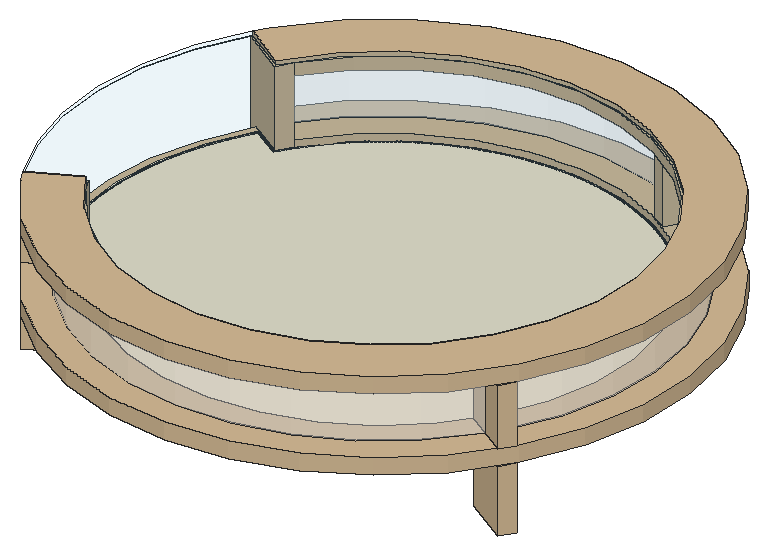
Revit family "MESA DE CENTRO M.A. 1,10M", category Modelos genéricos, Revit 2024 (continued)
Forms (cm)
  Extrusion 468, solid, material "COURO"
    from 0 to 0.0248
  Extrusion 469, solid, material "COURO"
    sketch origin (1861.4667, 638.8786, 48.6389) x (0.368593, -0.929591, 0) y (0.929591, 0.368593, 0)
      loop
        line (730.312, -13.6619) -> (730.0134, -13.6331) -> (730.0028, -13.7426) -> (730.3015, -13.7714) -> (730.312, -13.6619)
    from 0 to 0.0248
  Extrusion 470, solid, material "COURO"
    sketch origin (1870.7131, 641.6475, 48.6389) x (0.356337, -0.934357, 0) y (0.934357, 0.356337, 0)
      loop
        line (730.312, -13.6619) -> (730.0134, -13.6331) -> (730.0028, -13.7426) -> (730.3015, -13.7714) -> (730.312, -13.6619)
    from 0 to 0.0248
  Extrusion 471, solid, material "COURO"
    sketch origin (1879.9951, 644.2947, 48.6389) x (0.34402, -0.938962, 0) y (0.938962, 0.34402, 0)
      loop
        line (730.312, -13.6619) -> (730.0134, -13.6331) -> (730.0028, -13.7426) -> (730.3015, -13.7714) -> (730.312, -13.6619)
    from 0 to 0.0248
  Extrusion 472, solid, material "COURO"
    sketch origin (1889.3112, 646.8195, 48.6389) x (0.331643, -0.943405, 0) y (0.943405, 0.331643, 0)
      loop
        line (730.312, -13.6619) -> (730.0134, -13.6331) -> (730.0028, -13.7426) -> (730.3015, -13.7714) -> (730.312, -13.6619)
    from 0 to 0.0248
  Extrusion 473, solid, material "COURO"
    sketch origin (1898.6596, 649.2217, 48.6389) x (0.319209, -0.947684, 0) y (0.947684, 0.319209, 0)
      loop
        line (730.312, -13.6619) -> (730.0134, -13.6331) -> (730.0028, -13.7426) -> (730.3015, -13.7714) -> (730.312, -13.6619)
    from 0 to 0.0248
  Extrusion 474, solid, material "COURO"
    sketch origin (1908.0387, 651.5007, 48.6389) x (0.306719, -0.9518, 0) y (0.9518, 0.306719, 0)
      loop
        line (730.312, -13.6619) -> (730.0134, -13.6331) -> (730.0028, -13.7426) -> (730.3015, -13.7714) -> (730.312, -13.6619)
    from 0 to 0.0248
  Extrusion 475, solid, material "COURO"
    sketch origin (1917.4471, 653.6561, 48.6389) x (0.294177, -0.955751, 0) y (0.955751, 0.294177, 0)
      loop
        line (730.312, -13.6619) -> (730.0134, -13.6331) -> (730.0028, -13.7426) -> (730.3015, -13.7714) -> (730.312, -13.6619)
    from 0 to 0.0248
  Extrusion 476, solid, material "COURO"
    sketch origin (1926.883, 655.6877, 48.6389) x (0.281584, -0.959537, 0) y (0.959537, 0.281584, 0)
      loop
        line (730.312, -13.6619) -> (730.0134, -13.6331) -> (730.0028, -13.7426) -> (730.3015, -13.7714) -> (730.312, -13.6619)
    from 0 to 0.0248
  Extrusion 477, solid, material "COURO"
    sketch origin (1936.3447, 657.595, 48.6389) x (0.268942, -0.963156, 0) y (0.963156, 0.268942, 0)
      loop
        line (730.312, -13.6619) -> (730.0134, -13.6331) -> (730.0028, -13.7426) -> (730.3015, -13.7714) -> (730.312, -13.6619)
    from 0 to 0.0248
  Extrusion 478, solid, material "COURO"
    sketch origin (1945.8308, 659.3777, 48.6389) x (0.256253, -0.96661, 0) y (0.96661, 0.256253, 0)
      loop
        line (730.312, -13.6619) -> (730.0134, -13.6331) -> (730.0028, -13.7426) -> (730.3015, -13.7714) -> (730.312, -13.6619)
    from 0 to 0.0248
  Extrusion 479, solid, material "COURO"
    sketch origin (1955.3394, 661.0356, 48.6389) x (0.24352, -0.969896, 0) y (0.969896, 0.24352, 0)
      loop
        line (730.312, -13.6619) -> (730.0134, -13.6331) -> (730.0028, -13.7426) -> (730.3015, -13.7714) -> (730.312, -13.6619)
    from 0 to 0.0248
  Extrusion 480, solid, material "COURO"
    sketch origin (1964.8691, 662.5682, 48.6389) x (0.230745, -0.973014, 0) y (0.973014, 0.230745, 0)
      loop
        line (730.312, -13.6619) -> (730.0134, -13.6331) -> (730.0028, -13.7426) -> (730.3015, -13.7714) -> (730.312, -13.6619)
    from 0 to 0.0248
  Extrusion 481, solid, material "COURO"
    sketch origin (1974.418, 663.9754, 48.6389) x (0.217931, -0.975964, 0) y (0.975964, 0.217931, 0)
      loop
        line (730.312, -13.6619) -> (730.0134, -13.6331) -> (730.0028, -13.7426) -> (730.3015, -13.7714) -> (730.312, -13.6619)
    from 0 to 0.0248
  Extrusion 482, solid, material "COURO"
    sketch origin (1983.9847, 665.2569, 48.6389) x (0.205078, -0.978746, 0) y (0.978746, 0.205078, 0)
      loop
        line (730.312, -13.6619) -> (730.0134, -13.6331) -> (730.0028, -13.7426) -> (730.3015, -13.7714) -> (730.312, -13.6619)
    from 0 to 0.0248
  Extrusion 483, solid, material "COURO"
    sketch origin (1993.5673, 666.4125, 48.6389) x (0.19219, -0.981358, 0) y (0.981358, 0.19219, 0)
      loop
        line (730.312, -13.6619) -> (730.0134, -13.6331) -> (730.0028, -13.7426) -> (730.3015, -13.7714) -> (730.312, -13.6619)
    from 0 to 0.0248
  Extrusion 484, solid, material "COURO"
    sketch origin (2003.1644, 667.442, 48.6389) x (0.179269, -0.9838, 0) y (0.9838, 0.179269, 0)
      loop
        line (730.312, -13.6619) -> (730.0134, -13.6331) -> (730.0028, -13.7426) -> (730.3015, -13.7714) -> (730.312, -13.6619)
    from 0 to 0.0248
  Extrusion 485, solid, material "COURO"
    sketch origin (2012.7741, 668.3453, 48.6389) x (0.166317, -0.986072, 0) y (0.986072, 0.166317, 0)
      loop
        line (730.312, -13.6619) -> (730.0134, -13.6331) -> (730.0028, -13.7426) -> (730.3015, -13.7714) -> (730.312, -13.6619)
    from 0 to 0.0248
  Extrusion 486, solid, material "COURO"
    sketch origin (2022.3949, 669.122, 48.6389) x (0.153336, -0.988174, 0) y (0.988174, 0.153336, 0)
      loop
        line (730.312, -13.6619) -> (730.0134, -13.6331) -> (730.0028, -13.7426) -> (730.3015, -13.7714) -> (730.312, -13.6619)
    from 0 to 0.0248
  Extrusion 487, solid, material "COURO"
    sketch origin (2032.0251, 669.7722, 48.6389) x (0.140328, -0.990105, 0) y (0.990105, 0.140328, 0)
      loop
        line (730.312, -13.6619) -> (730.0134, -13.6331) -> (730.0028, -13.7426) -> (730.3015, -13.7714) -> (730.312, -13.6619)
    from 0 to 0.0248
  Extrusion 488, solid, material "COURO"
    sketch origin (2041.663, 670.2957, 48.6389) x (0.127296, -0.991865, 0) y (0.991865, 0.127296, 0)
      loop
        line (730.312, -13.6619) -> (730.0134, -13.6331) -> (730.0028, -13.7426) -> (730.3015, -13.7714) -> (730.312, -13.6619)
    from 0 to 0.0248
  Extrusion 489, solid, material "COURO"
    sketch origin (2051.3069, 670.6924, 48.6389) x (0.114243, -0.993453, 0) y (0.993453, 0.114243, 0)
      loop
        line (730.312, -13.6619) -> (730.0134, -13.6331) -> (730.0028, -13.7426) -> (730.3015, -13.7714) -> (730.312, -13.6619)
    from 0 to 0.0248
  Extrusion 490, solid, material "COURO"
    sketch origin (2060.9552, 670.9623, 48.6389) x (0.101169, -0.994869, 0) y (0.994869, 0.101169, 0)
      loop
        line (730.312, -13.6619) -> (730.0134, -13.6331) -> (730.0028, -13.7426) -> (730.3015, -13.7714) -> (730.312, -13.6619)
    from 0 to 0.0248
  Extrusion 491, solid, material "COURO"
    sketch origin (2070.6063, 671.1053, 48.6389) x (0.088078, -0.996114, 0) y (0.996114, 0.088078, 0)
      loop
        line (730.312, -13.6619) -> (730.0134, -13.6331) -> (730.0028, -13.7426) -> (730.3015, -13.7714) -> (730.312, -13.6619)
    from 0 to 0.0248
  Extrusion 492, solid, material "COURO"
    sketch origin (2080.2584, 671.1213, 48.6389) x (0.074972, -0.997186, 0) y (0.997186, 0.074972, 0)
      loop
        line (730.312, -13.6619) -> (730.0134, -13.6331) -> (730.0028, -13.7426) -> (730.3015, -13.7714) -> (730.312, -13.6619)
    from 0 to 0.0248
  Extrusion 493, solid, material "COURO"
    sketch origin (2089.9098, 671.0105, 48.6389) x (0.061853, -0.998085, 0) y (0.998085, 0.061853, 0)
      loop
        line (730.312, -13.6619) -> (730.0134, -13.6331) -> (730.0028, -13.7426) -> (730.3015, -13.7714) -> (730.312, -13.6619)
    from 0 to 0.0248
  Extrusion 494, solid, material "COURO"
    sketch origin (2099.559, 670.7727, 48.6389) x (0.048723, -0.998812, 0) y (0.998812, 0.048723, 0)
      loop
        line (730.312, -13.6619) -> (730.0134, -13.6331) -> (730.0028, -13.7426) -> (730.3015, -13.7714) -> (730.312, -13.6619)
    from 0 to 0.0248
  Extrusion 495, solid, material "COURO"
    sketch origin (2109.2042, 670.4081, 48.6389) x (0.035585, -0.999367, 0) y (0.999367, 0.035585, 0)
      loop
        line (730.312, -13.6619) -> (730.0134, -13.6331) -> (730.0028, -13.7426) -> (730.3015, -13.7714) -> (730.312, -13.6619)
    from 0 to 0.0248
  Extrusion 496, solid, material "COURO"
    sketch origin (2118.8438, 669.9166, 48.6389) x (0.02244, -0.999748, 0) y (0.999748, 0.02244, 0)
      loop
        line (730.312, -13.6619) -> (730.0134, -13.6331) -> (730.0028, -13.7426) -> (730.3015, -13.7714) -> (730.312, -13.6619)
    from 0 to 0.0248
  Extrusion 497, solid, material "COURO"
    sketch origin (2128.4761, 669.2985, 48.6389) x (0.009292, -0.999957, 0) y (0.999957, 0.009292, 0)
      loop
        line (730.312, -13.6619) -> (730.0134, -13.6331) -> (730.0028, -13.7426) -> (730.3015, -13.7714) -> (730.312, -13.6619)
    from 0 to 0.0248
  Extrusion 498, solid, material "COURO"
    sketch origin (2138.0994, 668.5537, 48.6389) x (-0.003858, -0.999993, 0) y (0.999993, -0.003858, 0)
      loop
        line (730.312, -13.6619) -> (730.0134, -13.6331) -> (730.0028, -13.7426) -> (730.3015, -13.7714) -> (730.312, -13.6619)
    from 0 to 0.0248
  Extrusion 499, solid, material "COURO"
    sketch origin (1355.2306, 73.6673, 48.6389) x (0.964735, -0.263221, 0) y (0.263221, 0.964735, 0)
      loop
        line (688.6838, 70.2123) -> (688.5676, 69.9357) -> (688.669, 69.8931) -> (688.7852, 70.1697) -> (688.6838, 70.2123)
    from 0 to 0.0248
  Extrusion 500, solid, material "COURO"
    sketch origin (1357.0891, 83.1431, 48.6389) x (0.961191, -0.275884, 0) y (0.275884, 0.961191, 0)
      loop
        line (688.6838, 70.2123) -> (688.5676, 69.9357) -> (688.669, 69.8931) -> (688.7852, 70.1697) -> (688.6838, 70.2123)
    from 0 to 0.0248
  Extrusion 501, solid, material "COURO"
    sketch origin (1359.0722, 92.5936, 48.6389) x (0.95748, -0.2885, 0) y (0.2885, 0.95748, 0)
      loop
        line (688.6838, 70.2123) -> (688.5676, 69.9357) -> (688.669, 69.8931) -> (688.7852, 70.1697) -> (688.6838, 70.2123)
    from 0 to 0.0248
  Extrusion 502, solid, material "COURO"
    sketch origin (1361.1793, 102.0172, 48.6389) x (0.953603, -0.301066, 0) y (0.301066, 0.953603, 0)
      loop
        line (688.6838, 70.2123) -> (688.5676, 69.9357) -> (688.669, 69.8931) -> (688.7852, 70.1697) -> (688.6838, 70.2123)
    from 0 to 0.0248
  Extrusion 503, solid, material "COURO"
    sketch origin (1363.4102, 111.4122, 48.6389) x (0.949562, -0.313579, 0) y (0.313579, 0.949562, 0)
      loop
        line (688.6838, 70.2123) -> (688.5676, 69.9357) -> (688.669, 69.8931) -> (688.7852, 70.1697) -> (688.6838, 70.2123)
    from 0 to 0.0248
  Extrusion 504, solid, material "COURO"
    sketch origin (1596.2114, -617.7752, 48.6389) x (0.592196, 0.805794, 0) y (-0.805794, 0.592196, 0)
      loop
        line (730.312, -13.6619) -> (730.0134, -13.6331) -> (730.0028, -13.7426) -> (730.3015, -13.7714) -> (730.312, -13.6619)
    from 0 to 0.0248
  Extrusion 505, solid, material "COURO"
    sketch origin (1368.2415, 130.1103, 48.6389) x (0.940987, -0.338442, 0) y (0.338442, 0.940987, 0)
      loop
        line (688.6838, 70.2123) -> (688.5676, 69.9357) -> (688.669, 69.8931) -> (688.7852, 70.1697) -> (688.6838, 70.2123)
    from 0 to 0.0248
  Extrusion 506, solid, material "COURO"
    sketch origin (1370.8412, 139.4101, 48.6389) x (0.936456, -0.350786, 0) y (0.350786, 0.936456, 0)
      loop
        line (688.6838, 70.2123) -> (688.5676, 69.9357) -> (688.669, 69.8931) -> (688.7852, 70.1697) -> (688.6838, 70.2123)
    from 0 to 0.0248
  Extrusion 507, solid, material "COURO"
    sketch origin (1547.1639, -571.1962, 48.6389) x (0.663758, 0.747947, 0) y (-0.747947, 0.663758, 0)
      loop
        line (730.312, -13.6619) -> (730.0134, -13.6331) -> (730.0028, -13.7426) -> (730.3015, -13.7714) -> (730.312, -13.6619)
    from 0 to 0.0248
  Extrusion 508, solid, material "COURO"
    sketch origin (1540.5253, -564.1896, 48.6389) x (0.673536, 0.739154, 0) y (-0.739154, 0.673536, 0)
      loop
        line (730.312, -13.6619) -> (730.0134, -13.6331) -> (730.0028, -13.7426) -> (730.3015, -13.7714) -> (730.312, -13.6619)
    from 0 to 0.0248
  Extrusion 509, solid, material "COURO"
    sketch origin (1533.9795, -557.0963, 48.6389) x (0.683197, 0.730234, 0) y (-0.730234, 0.683197, 0)
      loop
        line (730.312, -13.6619) -> (730.0134, -13.6331) -> (730.0028, -13.7426) -> (730.3015, -13.7714) -> (730.312, -13.6619)
    from 0 to 0.0248
  Extrusion 510, solid, material "COURO"
    sketch origin (1527.5274, -549.9176, 48.6389) x (0.692741, 0.721187, 0) y (-0.721187, 0.692741, 0)
      loop
        line (730.312, -13.6619) -> (730.0134, -13.6331) -> (730.0028, -13.7426) -> (730.3015, -13.7714) -> (730.312, -13.6619)
    from 0 to 0.0248
  Extrusion 511, solid, material "COURO"
    sketch origin (1521.1704, -542.6546, 48.6389) x (0.702164, 0.712015, 0) y (-0.712015, 0.702164, 0)
      loop
        line (730.312, -13.6619) -> (730.0134, -13.6331) -> (730.0028, -13.7426) -> (730.3015, -13.7714) -> (730.312, -13.6619)
    from 0 to 0.0248
  Extrusion 512, solid, material "COURO"
    sketch origin (1514.9093, -535.3087, 48.6389) x (0.711466, 0.70272, 0) y (-0.70272, 0.711466, 0)
      loop
        line (730.312, -13.6619) -> (730.0134, -13.6331) -> (730.0028, -13.7426) -> (730.3015, -13.7714) -> (730.312, -13.6619)
    from 0 to 0.0248
  Extrusion 513, solid, material "COURO"
    sketch origin (1508.7455, -527.8811, 48.6389) x (0.720645, 0.693304, 0) y (-0.693304, 0.720645, 0)
      loop
        line (730.312, -13.6619) -> (730.0134, -13.6331) -> (730.0028, -13.7426) -> (730.3015, -13.7714) -> (730.312, -13.6619)
    from 0 to 0.0248
  Extrusion 514, solid, material "COURO"
    sketch origin (1502.6798, -520.373, 48.6389) x (0.7297, 0.683768, 0) y (-0.683768, 0.7297, 0)
      loop
        line (730.312, -13.6619) -> (730.0134, -13.6331) -> (730.0028, -13.7426) -> (730.3015, -13.7714) -> (730.312, -13.6619)
    from 0 to 0.0248
  Extrusion 515, solid, material "COURO"
    sketch origin (1496.7134, -512.7859, 48.6389) x (0.738628, 0.674113, 0) y (-0.674113, 0.738628, 0)
      loop
        line (730.312, -13.6619) -> (730.0134, -13.6331) -> (730.0028, -13.7426) -> (730.3015, -13.7714) -> (730.312, -13.6619)
    from 0 to 0.0248
  Extrusion 516, solid, material "COURO"
    sketch origin (1490.8472, -505.121, 48.6389) x (0.747429, 0.664342, 0) y (-0.664342, 0.747429, 0)
      loop
        line (730.312, -13.6619) -> (730.0134, -13.6331) -> (730.0028, -13.7426) -> (730.3015, -13.7714) -> (730.312, -13.6619)
    from 0 to 0.0248
  Extrusion 517, solid, material "COURO"
    sketch origin (1485.0824, -497.3795, 48.6389) x (0.7561, 0.654456, 0) y (-0.654456, 0.7561, 0)
      loop
        line (730.312, -13.6619) -> (730.0134, -13.6331) -> (730.0028, -13.7426) -> (730.3015, -13.7714) -> (730.312, -13.6619)
    from 0 to 0.0248
  Extrusion 518, solid, material "COURO"
    sketch origin (1479.4198, -489.563, 48.6389) x (0.764641, 0.644457, 0) y (-0.644457, 0.764641, 0)
      loop
        line (730.312, -13.6619) -> (730.0134, -13.6331) -> (730.0028, -13.7426) -> (730.3015, -13.7714) -> (730.312, -13.6619)
    from 0 to 0.0248
  Extrusion 519, solid, material "COURO"
    sketch origin (1473.8606, -481.6726, 48.6389) x (0.773049, 0.634347, 0) y (-0.634347, 0.773049, 0)
      loop
        line (730.312, -13.6619) -> (730.0134, -13.6331) -> (730.0028, -13.7426) -> (730.3015, -13.7714) -> (730.312, -13.6619)
    from 0 to 0.0248
  Extrusion 520, solid, material "COURO"
    sketch origin (1468.4055, -473.7099, 48.6389) x (0.781323, 0.624126, 0) y (-0.624126, 0.781323, 0)
      loop
        line (730.312, -13.6619) -> (730.0134, -13.6331) -> (730.0028, -13.7426) -> (730.3015, -13.7714) -> (730.312, -13.6619)
    from 0 to 0.0248
  Extrusion 521, solid, material "COURO"
    sketch origin (1463.0557, -465.6761, 48.6389) x (0.789463, 0.613798, 0) y (-0.613798, 0.789463, 0)
      loop
        line (730.312, -13.6619) -> (730.0134, -13.6331) -> (730.0028, -13.7426) -> (730.3015, -13.7714) -> (730.312, -13.6619)
    from 0 to 0.0248
  Extrusion 522, solid, material "COURO"
    sketch origin (1457.8119, -457.5726, 48.6389) x (0.797466, 0.603364, 0) y (-0.603364, 0.797466, 0)
      loop
        line (730.312, -13.6619) -> (730.0134, -13.6331) -> (730.0028, -13.7426) -> (730.3015, -13.7714) -> (730.312, -13.6619)
    from 0 to 0.0248
  Extrusion 523, solid, material "COURO"
    sketch origin (1452.6752, -449.4009, 48.6389) x (0.805331, 0.592825, 0) y (-0.592825, 0.805331, 0)
      loop
        line (730.312, -13.6619) -> (730.0134, -13.6331) -> (730.0028, -13.7426) -> (730.3015, -13.7714) -> (730.312, -13.6619)
    from 0 to 0.0248
  Extrusion 524, solid, material "COURO"
    sketch origin (1457.8199, -457.5725, 48.6389) x (0.797466, 0.603364, 0) y (-0.603364, 0.797466, 0)
      loop
        line (731.4885, -13.6373) -> (731.1907, -13.6007) -> (731.1773, -13.7099) -> (731.475, -13.7465) -> (731.4885, -13.6373)
    from 0 to 0.0248
  Extrusion 525, solid, material "COURO"
    sketch origin (1373.563, 148.6749, 48.6389) x (0.931762, -0.36307, 0) y (0.36307, 0.931762, 0)
      loop
        line (688.6838, 70.2123) -> (688.5676, 69.9357) -> (688.669, 69.8931) -> (688.7852, 70.1697) -> (688.6838, 70.2123)
    from 0 to 0.0248
  Extrusion 526, solid, material "COURO"
    sketch origin (1376.4063, 157.9031, 48.6389) x (0.926907, -0.375291, 0) y (0.375291, 0.926907, 0)
      loop
        line (688.6838, 70.2123) -> (688.5676, 69.9357) -> (688.669, 69.8931) -> (688.7852, 70.1697) -> (688.6838, 70.2123)
    from 0 to 0.0248
  Extrusion 527, solid, material "COURO"
    sketch origin (1379.3307, 167.1131, 48.6389) x (0.921892, -0.387447, 0) y (0.387447, 0.921892, 0)
      loop
        line (688.6838, 70.2123) -> (688.5676, 69.9357) -> (688.669, 69.8931) -> (688.7852, 70.1697) -> (688.6838, 70.2123)
    from 0 to 0.0248
  Extrusion 528, solid, material "COURO"
    sketch origin (1382.3758, 176.2633, 48.6389) x (0.916717, -0.399536, 0) y (0.399536, 0.916717, 0)
      loop
        line (688.6838, 70.2123) -> (688.5676, 69.9357) -> (688.669, 69.8931) -> (688.7852, 70.1697) -> (688.6838, 70.2123)
    from 0 to 0.0248
  Extrusion 529, solid, material "COURO"
    sketch origin (1458.2742, -457.2083, 48.6389) x (0.797466, 0.603364, 0) y (-0.603364, 0.797466, 0)
      loop
        line (731.4885, -13.6373) -> (731.1907, -13.6007) -> (731.1773, -13.7099) -> (731.475, -13.7465) -> (731.4885, -13.6373)
    from 0 to 0.0248
  Extrusion 530, solid, material "COURO"
    sketch origin (1458.7852, -456.852, 48.6389) x (0.797466, 0.603364, 0) y (-0.603364, 0.797466, 0)
      loop
        line (731.4885, -13.6373) -> (731.1907, -13.6007) -> (731.1773, -13.7099) -> (731.475, -13.7465) -> (731.4885, -13.6373)
    from 0 to 0.0248
  Extrusion 531, solid
    sketch origin (1942.3686, 63.5036, 35.0046) x (-0.515038, 0.857167, 0) y (0, 0, 1)
      loop
        line (-177.8983, 0) -> (-178.0783, 0) -> (-178.4783, -1) -> (-177.3183, -1) -> (-177.7183, 0) -> (-177.8983, 0)
    from 0 to 1
  Extrusion 532, solid
    sketch origin (1941.9605, -188.4645, 35.0046) x (-0.515038, -0.857167, 0) y (0, 0, -1)
      loop
        line (-177.8983, 0) -> (-177.7183, 0) -> (-177.3183, 1) -> (-178.4783, 1) -> (-178.0783, 0) -> (-177.8983, 0)
    from 0 to 1
  Extrusion 533, solid
    sketch origin (2154.341, 75.2354, 35.0046) x (0.5, 0.866025, 0) y (0, 0, 1)
      loop
        line (-109.0975, 0) -> (-109.2775, 0) -> (-109.6775, -1) -> (-108.5175, -1) -> (-108.9175, 0) -> (-109.0975, 0)
    from 0 to 1
  Extrusion 534, solid
    sketch origin (2202.3468, 68.805, 35.0046) x (0.469472, 0.882948, 0) y (0, 0, 1)
      loop
        line (-177.8983, 0) -> (-178.0783, 0) -> (-178.4783, -1) -> (-177.3183, -1) -> (-177.7183, 0) -> (-177.8983, 0)
    from 0 to 1
Cuts and joins
  Extrusion 9 cuts Extrusion 2
  Extrusion 9 cuts Extrusion 3
  joined: Extrusion 2, Extrusion 3
Dimensions and locks (cm)
  equal spacing: plane 6, plane 1 "Centro (Frente/Trás)", plane 7
  equal spacing: plane 4, plane 3 "Centro (Esquerda/Direita)", plane 5
  aligned and locked: level to plane 2
Automatic sketch dimensions
  Extrusion 10 sketch curve to Extrusion 10 sketch curve = 0.1162 cm
  Extrusion 10 sketch curve to Extrusion 10 sketch curve = 0.1014 cm
  Extrusion 10 sketch curve to Extrusion 10 sketch curve = 0.0426 cm
  Extrusion 13 sketch curve to Extrusion 13 sketch curve = 0.1001 cm
  Extrusion 13 sketch curve to Extrusion 13 sketch curve = 0.1014 cm
  Extrusion 13 sketch curve to Extrusion 13 sketch curve = 0.1016 cm
  Extrusion 13 sketch curve to Extrusion 13 sketch curve = 0.0125 cm
  Extrusion 13 sketch curve to Extrusion 13 sketch curve = 0.0 cm  (x4)
  Extrusion 13 sketch curve to Extrusion 13 sketch curve = 24.7137 cm
  Extrusion 13 sketch curve to Extrusion 13 sketch curve = 0.2775 cm
  Extrusion 14 sketch curve to Extrusion 14 sketch curve = 0.1001 cm
  Extrusion 14 sketch curve to Extrusion 14 sketch curve = 0.1014 cm
  Extrusion 14 sketch curve to Extrusion 14 sketch curve = 0.1016 cm
  Extrusion 14 sketch curve to Extrusion 14 sketch curve = 0.0125 cm
  Extrusion 14 sketch curve to Extrusion 14 sketch curve = 0.0 cm  (x4)
  Extrusion 14 sketch curve to Extrusion 14 sketch curve = 24.7137 cm
  Extrusion 14 sketch curve to Extrusion 14 sketch curve = 0.2775 cm
  Extrusion 15 sketch curve to Extrusion 15 sketch curve = 0.1001 cm
  Extrusion 15 sketch curve to Extrusion 15 sketch curve = 0.1014 cm
  Extrusion 15 sketch curve to Extrusion 15 sketch curve = 0.1016 cm
  Extrusion 15 sketch curve to Extrusion 15 sketch curve = 0.0125 cm
  Extrusion 15 sketch curve to Extrusion 15 sketch curve = 0.0 cm  (x4)
  Extrusion 15 sketch curve to Extrusion 15 sketch curve = 24.7137 cm
  Extrusion 15 sketch curve to Extrusion 15 sketch curve = 0.2775 cm
  Extrusion 16 sketch curve to Extrusion 16 sketch curve = 0.1001 cm
  Extrusion 16 sketch curve to Extrusion 16 sketch curve = 0.1014 cm
  Extrusion 16 sketch curve to Extrusion 16 sketch curve = 0.1016 cm
  Extrusion 16 sketch curve to Extrusion 16 sketch curve = 0.0125 cm
  Extrusion 16 sketch curve to Extrusion 16 sketch curve = 0.0 cm  (x4)
  Extrusion 16 sketch curve to Extrusion 16 sketch curve = 24.7137 cm
  Extrusion 16 sketch curve to Extrusion 16 sketch curve = 0.2775 cm
  Extrusion 17 sketch curve to Extrusion 17 sketch curve = 0.1001 cm
  Extrusion 17 sketch curve to Extrusion 17 sketch curve = 0.1014 cm
  Extrusion 17 sketch curve to Extrusion 17 sketch curve = 0.1016 cm
  Extrusion 17 sketch curve to Extrusion 17 sketch curve = 0.0125 cm
  Extrusion 17 sketch curve to Extrusion 17 sketch curve = 0.0 cm  (x4)
  Extrusion 17 sketch curve to Extrusion 17 sketch curve = 24.7137 cm
  Extrusion 17 sketch curve to Extrusion 17 sketch curve = 0.2775 cm
  Extrusion 18 sketch curve to Extrusion 18 sketch curve = 0.1001 cm
  Extrusion 18 sketch curve to Extrusion 18 sketch curve = 0.1014 cm
  Extrusion 18 sketch curve to Extrusion 18 sketch curve = 0.1016 cm
  Extrusion 18 sketch curve to Extrusion 18 sketch curve = 0.0125 cm
  Extrusion 18 sketch curve to Extrusion 18 sketch curve = 0.0 cm  (x4)
  Extrusion 18 sketch curve to Extrusion 18 sketch curve = 24.7137 cm
  Extrusion 18 sketch curve to Extrusion 18 sketch curve = 0.2775 cm
  Extrusion 19 sketch curve to Extrusion 19 sketch curve = 0.1001 cm
  Extrusion 19 sketch curve to Extrusion 19 sketch curve = 0.1014 cm
  Extrusion 19 sketch curve to Extrusion 19 sketch curve = 0.1016 cm
  Extrusion 19 sketch curve to Extrusion 19 sketch curve = 0.0125 cm
  Extrusion 19 sketch curve to Extrusion 19 sketch curve = 0.0 cm  (x4)
  Extrusion 19 sketch curve to Extrusion 19 sketch curve = 24.7137 cm
  Extrusion 19 sketch curve to Extrusion 19 sketch curve = 0.2775 cm
  Extrusion 20 sketch curve to Extrusion 20 sketch curve = 0.1001 cm
  Extrusion 20 sketch curve to Extrusion 20 sketch curve = 0.1014 cm
  Extrusion 20 sketch curve to Extrusion 20 sketch curve = 0.1016 cm
  Extrusion 20 sketch curve to Extrusion 20 sketch curve = 0.0125 cm
  Extrusion 20 sketch curve to Extrusion 20 sketch curve = 0.0 cm  (x4)
  Extrusion 20 sketch curve to Extrusion 20 sketch curve = 24.7137 cm
  Extrusion 20 sketch curve to Extrusion 20 sketch curve = 0.2775 cm
  Extrusion 21 sketch curve to Extrusion 21 sketch curve = 0.1001 cm
  Extrusion 21 sketch curve to Extrusion 21 sketch curve = 0.1014 cm
  Extrusion 21 sketch curve to Extrusion 21 sketch curve = 0.1016 cm
  Extrusion 21 sketch curve to Extrusion 21 sketch curve = 0.0125 cm
  Extrusion 21 sketch curve to Extrusion 21 sketch curve = 0.0 cm  (x4)
  Extrusion 21 sketch curve to Extrusion 21 sketch curve = 24.7137 cm
  Extrusion 21 sketch curve to Extrusion 21 sketch curve = 0.2775 cm
  Extrusion 22 sketch curve to Extrusion 22 sketch curve = 0.1001 cm
  Extrusion 22 sketch curve to Extrusion 22 sketch curve = 0.1014 cm
  Extrusion 22 sketch curve to Extrusion 22 sketch curve = 0.1016 cm
  Extrusion 22 sketch curve to Extrusion 22 sketch curve = 0.0125 cm
  Extrusion 22 sketch curve to Extrusion 22 sketch curve = 0.0 cm  (x4)
  Extrusion 22 sketch curve to Extrusion 22 sketch curve = 24.7137 cm
  Extrusion 22 sketch curve to Extrusion 22 sketch curve = 0.2775 cm
  Extrusion 23 sketch curve to Extrusion 23 sketch curve = 0.1001 cm
  Extrusion 23 sketch curve to Extrusion 23 sketch curve = 0.1014 cm
  Extrusion 23 sketch curve to Extrusion 23 sketch curve = 0.1016 cm
  Extrusion 23 sketch curve to Extrusion 23 sketch curve = 0.0125 cm
  Extrusion 23 sketch curve to Extrusion 23 sketch curve = 0.0 cm  (x4)
  Extrusion 23 sketch curve to Extrusion 23 sketch curve = 24.7137 cm
  Extrusion 23 sketch curve to Extrusion 23 sketch curve = 0.2775 cm
  Extrusion 24 sketch curve to Extrusion 24 sketch curve = 0.1001 cm
  Extrusion 24 sketch curve to Extrusion 24 sketch curve = 0.1014 cm
  Extrusion 24 sketch curve to Extrusion 24 sketch curve = 0.1016 cm
  Extrusion 24 sketch curve to Extrusion 24 sketch curve = 0.0125 cm
  Extrusion 24 sketch curve to Extrusion 24 sketch curve = 0.0 cm  (x4)
  Extrusion 24 sketch curve to Extrusion 24 sketch curve = 24.7137 cm
  Extrusion 24 sketch curve to Extrusion 24 sketch curve = 0.2775 cm
  Extrusion 25 sketch curve to Extrusion 25 sketch curve = 0.1001 cm
  Extrusion 25 sketch curve to Extrusion 25 sketch curve = 0.1014 cm
  Extrusion 25 sketch curve to Extrusion 25 sketch curve = 0.1016 cm
  Extrusion 25 sketch curve to Extrusion 25 sketch curve = 0.0125 cm
  Extrusion 25 sketch curve to Extrusion 25 sketch curve = 0.0 cm  (x4)
  Extrusion 25 sketch curve to Extrusion 25 sketch curve = 24.7137 cm
  Extrusion 25 sketch curve to Extrusion 25 sketch curve = 0.2775 cm
  Extrusion 26 sketch curve to Extrusion 26 sketch curve = 0.1001 cm
  Extrusion 26 sketch curve to Extrusion 26 sketch curve = 0.1014 cm
  Extrusion 26 sketch curve to Extrusion 26 sketch curve = 0.1016 cm
  Extrusion 26 sketch curve to Extrusion 26 sketch curve = 0.0125 cm
  Extrusion 26 sketch curve to Extrusion 26 sketch curve = 0.0 cm  (x4)
  Extrusion 26 sketch curve to Extrusion 26 sketch curve = 24.7137 cm
  Extrusion 26 sketch curve to Extrusion 26 sketch curve = 0.2775 cm
  Extrusion 27 sketch curve to Extrusion 27 sketch curve = 0.1001 cm
  Extrusion 27 sketch curve to Extrusion 27 sketch curve = 0.1014 cm
  Extrusion 27 sketch curve to Extrusion 27 sketch curve = 0.1016 cm
  Extrusion 27 sketch curve to Extrusion 27 sketch curve = 0.0125 cm
  Extrusion 27 sketch curve to Extrusion 27 sketch curve = 0.0 cm  (x4)
  Extrusion 27 sketch curve to Extrusion 27 sketch curve = 24.7137 cm
  Extrusion 27 sketch curve to Extrusion 27 sketch curve = 0.2775 cm
  Extrusion 28 sketch curve to Extrusion 28 sketch curve = 0.1001 cm
  Extrusion 28 sketch curve to Extrusion 28 sketch curve = 0.1014 cm
  Extrusion 28 sketch curve to Extrusion 28 sketch curve = 0.1016 cm
  Extrusion 28 sketch curve to Extrusion 28 sketch curve = 0.0125 cm
  Extrusion 28 sketch curve to Extrusion 28 sketch curve = 0.0 cm  (x4)
  Extrusion 28 sketch curve to Extrusion 28 sketch curve = 24.7137 cm
  Extrusion 28 sketch curve to Extrusion 28 sketch curve = 0.2775 cm
  Extrusion 29 sketch curve to Extrusion 29 sketch curve = 0.1001 cm
  Extrusion 29 sketch curve to Extrusion 29 sketch curve = 0.1014 cm
  Extrusion 29 sketch curve to Extrusion 29 sketch curve = 0.1016 cm
  Extrusion 29 sketch curve to Extrusion 29 sketch curve = 0.0125 cm
  Extrusion 29 sketch curve to Extrusion 29 sketch curve = 0.0 cm  (x4)
  Extrusion 29 sketch curve to Extrusion 29 sketch curve = 24.7137 cm
  Extrusion 29 sketch curve to Extrusion 29 sketch curve = 0.2775 cm
  Extrusion 30 sketch curve to Extrusion 30 sketch curve = 0.1001 cm
  Extrusion 30 sketch curve to Extrusion 30 sketch curve = 0.1014 cm
  Extrusion 30 sketch curve to Extrusion 30 sketch curve = 0.1016 cm
  Extrusion 30 sketch curve to Extrusion 30 sketch curve = 0.0125 cm
  Extrusion 30 sketch curve to Extrusion 30 sketch curve = 0.0 cm  (x4)
  Extrusion 30 sketch curve to Extrusion 30 sketch curve = 24.7137 cm
  Extrusion 30 sketch curve to Extrusion 30 sketch curve = 0.2775 cm
  Extrusion 31 sketch curve to Extrusion 31 sketch curve = 0.1001 cm
  Extrusion 31 sketch curve to Extrusion 31 sketch curve = 0.1014 cm
  Extrusion 31 sketch curve to Extrusion 31 sketch curve = 0.1016 cm
  Extrusion 31 sketch curve to Extrusion 31 sketch curve = 0.0125 cm
  Extrusion 31 sketch curve to Extrusion 31 sketch curve = 0.0 cm  (x4)
  Extrusion 31 sketch curve to Extrusion 31 sketch curve = 24.7137 cm
  Extrusion 31 sketch curve to Extrusion 31 sketch curve = 0.2775 cm
  Extrusion 32 sketch curve to Extrusion 32 sketch curve = 0.1001 cm
  Extrusion 32 sketch curve to Extrusion 32 sketch curve = 0.1014 cm
  Extrusion 32 sketch curve to Extrusion 32 sketch curve = 0.1016 cm
  Extrusion 32 sketch curve to Extrusion 32 sketch curve = 0.0125 cm
  Extrusion 32 sketch curve to Extrusion 32 sketch curve = 0.0 cm  (x4)
  Extrusion 32 sketch curve to Extrusion 32 sketch curve = 24.7137 cm
  Extrusion 32 sketch curve to Extrusion 32 sketch curve = 0.2775 cm
  Extrusion 33 sketch curve to Extrusion 33 sketch curve = 0.1001 cm
  Extrusion 33 sketch curve to Extrusion 33 sketch curve = 0.1014 cm
  Extrusion 33 sketch curve to Extrusion 33 sketch curve = 0.1016 cm
  Extrusion 33 sketch curve to Extrusion 33 sketch curve = 0.0125 cm
  Extrusion 33 sketch curve to Extrusion 33 sketch curve = 0.0 cm  (x4)
  Extrusion 33 sketch curve to Extrusion 33 sketch curve = 24.7137 cm
  Extrusion 33 sketch curve to Extrusion 33 sketch curve = 0.2775 cm
  Extrusion 34 sketch curve to Extrusion 34 sketch curve = 0.1001 cm
  Extrusion 34 sketch curve to Extrusion 34 sketch curve = 0.1014 cm
  Extrusion 34 sketch curve to Extrusion 34 sketch curve = 0.1016 cm
  Extrusion 34 sketch curve to Extrusion 34 sketch curve = 0.0125 cm
  Extrusion 34 sketch curve to Extrusion 34 sketch curve = 0.0 cm  (x4)
  Extrusion 34 sketch curve to Extrusion 34 sketch curve = 24.7137 cm
  Extrusion 34 sketch curve to Extrusion 34 sketch curve = 0.2775 cm
  Extrusion 35 sketch curve to Extrusion 35 sketch curve = 0.1001 cm
  Extrusion 35 sketch curve to Extrusion 35 sketch curve = 0.1014 cm
  Extrusion 35 sketch curve to Extrusion 35 sketch curve = 0.1016 cm
  Extrusion 35 sketch curve to Extrusion 35 sketch curve = 0.0125 cm
  Extrusion 35 sketch curve to Extrusion 35 sketch curve = 0.0 cm  (x4)
  Extrusion 35 sketch curve to Extrusion 35 sketch curve = 24.7137 cm
  Extrusion 35 sketch curve to Extrusion 35 sketch curve = 0.2775 cm
  Extrusion 36 sketch curve to Extrusion 36 sketch curve = 0.1001 cm
  Extrusion 36 sketch curve to Extrusion 36 sketch curve = 0.1014 cm
  Extrusion 36 sketch curve to Extrusion 36 sketch curve = 0.1016 cm
  Extrusion 36 sketch curve to Extrusion 36 sketch curve = 0.0125 cm
  Extrusion 36 sketch curve to Extrusion 36 sketch curve = 0.0 cm  (x4)
  Extrusion 36 sketch curve to Extrusion 36 sketch curve = 24.7137 cm
  Extrusion 36 sketch curve to Extrusion 36 sketch curve = 0.2775 cm
  Extrusion 37 sketch curve to Extrusion 37 sketch curve = 0.1001 cm
  Extrusion 37 sketch curve to Extrusion 37 sketch curve = 0.1014 cm
  Extrusion 37 sketch curve to Extrusion 37 sketch curve = 0.1016 cm
  Extrusion 37 sketch curve to Extrusion 37 sketch curve = 0.0125 cm
  Extrusion 37 sketch curve to Extrusion 37 sketch curve = 0.0 cm  (x4)
  Extrusion 37 sketch curve to Extrusion 37 sketch curve = 24.7137 cm
  Extrusion 37 sketch curve to Extrusion 37 sketch curve = 0.2775 cm
  Extrusion 38 sketch curve to Extrusion 38 sketch curve = 0.1001 cm
  Extrusion 38 sketch curve to Extrusion 38 sketch curve = 0.1014 cm
  Extrusion 38 sketch curve to Extrusion 38 sketch curve = 0.1016 cm
  Extrusion 38 sketch curve to Extrusion 38 sketch curve = 0.0125 cm
  Extrusion 38 sketch curve to Extrusion 38 sketch curve = 0.0 cm  (x4)
  Extrusion 38 sketch curve to Extrusion 38 sketch curve = 24.7137 cm
  Extrusion 38 sketch curve to Extrusion 38 sketch curve = 0.2775 cm
  Extrusion 39 sketch curve to Extrusion 39 sketch curve = 0.1001 cm
  Extrusion 39 sketch curve to Extrusion 39 sketch curve = 0.1014 cm
  Extrusion 39 sketch curve to Extrusion 39 sketch curve = 0.1016 cm
  Extrusion 39 sketch curve to Extrusion 39 sketch curve = 0.0125 cm
  Extrusion 39 sketch curve to Extrusion 39 sketch curve = 0.0 cm  (x4)
  Extrusion 39 sketch curve to Extrusion 39 sketch curve = 24.7137 cm
  Extrusion 39 sketch curve to Extrusion 39 sketch curve = 0.2775 cm
  Extrusion 40 sketch curve to Extrusion 40 sketch curve = 0.1001 cm
  Extrusion 40 sketch curve to Extrusion 40 sketch curve = 0.1014 cm
  Extrusion 40 sketch curve to Extrusion 40 sketch curve = 0.1016 cm
  Extrusion 40 sketch curve to Extrusion 40 sketch curve = 0.0125 cm
  Extrusion 40 sketch curve to Extrusion 40 sketch curve = 0.0 cm  (x4)
  Extrusion 40 sketch curve to Extrusion 40 sketch curve = 24.7137 cm
  Extrusion 40 sketch curve to Extrusion 40 sketch curve = 0.2775 cm
  Extrusion 41 sketch curve to Extrusion 41 sketch curve = 0.1001 cm
  Extrusion 41 sketch curve to Extrusion 41 sketch curve = 0.1014 cm
  Extrusion 41 sketch curve to Extrusion 41 sketch curve = 0.1016 cm
  Extrusion 41 sketch curve to Extrusion 41 sketch curve = 0.0125 cm
  Extrusion 41 sketch curve to Extrusion 41 sketch curve = 0.0 cm  (x4)
  Extrusion 41 sketch curve to Extrusion 41 sketch curve = 24.7137 cm
  Extrusion 41 sketch curve to Extrusion 41 sketch curve = 0.2775 cm
  Extrusion 42 sketch curve to Extrusion 42 sketch curve = 0.1001 cm
  Extrusion 42 sketch curve to Extrusion 42 sketch curve = 0.1014 cm
  Extrusion 42 sketch curve to Extrusion 42 sketch curve = 0.1016 cm
  Extrusion 42 sketch curve to Extrusion 42 sketch curve = 0.0125 cm
  Extrusion 42 sketch curve to Extrusion 42 sketch curve = 0.0 cm  (x4)
  Extrusion 42 sketch curve to Extrusion 42 sketch curve = 24.7137 cm
  Extrusion 42 sketch curve to Extrusion 42 sketch curve = 0.2775 cm
  Extrusion 43 sketch curve to Extrusion 43 sketch curve = 0.1001 cm
  Extrusion 43 sketch curve to Extrusion 43 sketch curve = 0.1014 cm
  Extrusion 43 sketch curve to Extrusion 43 sketch curve = 0.1016 cm
  Extrusion 43 sketch curve to Extrusion 43 sketch curve = 0.0125 cm
  Extrusion 43 sketch curve to Extrusion 43 sketch curve = 0.0 cm  (x4)
  Extrusion 43 sketch curve to Extrusion 43 sketch curve = 24.7137 cm
  Extrusion 43 sketch curve to Extrusion 43 sketch curve = 0.2775 cm
  Extrusion 44 sketch curve to Extrusion 44 sketch curve = 0.1001 cm
  Extrusion 44 sketch curve to Extrusion 44 sketch curve = 0.1014 cm
  Extrusion 44 sketch curve to Extrusion 44 sketch curve = 0.1016 cm
  Extrusion 44 sketch curve to Extrusion 44 sketch curve = 0.0125 cm
  Extrusion 44 sketch curve to Extrusion 44 sketch curve = 0.0 cm  (x4)
  Extrusion 44 sketch curve to Extrusion 44 sketch curve = 24.7137 cm
  Extrusion 44 sketch curve to Extrusion 44 sketch curve = 0.2775 cm
  Extrusion 45 sketch curve to Extrusion 45 sketch curve = 0.1001 cm
  Extrusion 45 sketch curve to Extrusion 45 sketch curve = 0.1014 cm
  Extrusion 45 sketch curve to Extrusion 45 sketch curve = 0.1016 cm
  Extrusion 45 sketch curve to Extrusion 45 sketch curve = 0.0125 cm
  Extrusion 45 sketch curve to Extrusion 45 sketch curve = 0.0 cm  (x4)
  Extrusion 45 sketch curve to Extrusion 45 sketch curve = 24.7137 cm
  Extrusion 45 sketch curve to Extrusion 45 sketch curve = 0.2775 cm
  Extrusion 46 sketch curve to Extrusion 46 sketch curve = 0.1001 cm
  Extrusion 46 sketch curve to Extrusion 46 sketch curve = 0.1014 cm
  Extrusion 46 sketch curve to Extrusion 46 sketch curve = 0.1016 cm
  Extrusion 46 sketch curve to Extrusion 46 sketch curve = 0.0125 cm
  Extrusion 46 sketch curve to Extrusion 46 sketch curve = 0.0 cm  (x4)
  Extrusion 46 sketch curve to Extrusion 46 sketch curve = 24.7137 cm
  Extrusion 46 sketch curve to Extrusion 46 sketch curve = 0.2775 cm
  Extrusion 47 sketch curve to Extrusion 47 sketch curve = 0.1001 cm
  Extrusion 47 sketch curve to Extrusion 47 sketch curve = 0.1014 cm
  Extrusion 47 sketch curve to Extrusion 47 sketch curve = 0.1016 cm
  Extrusion 47 sketch curve to Extrusion 47 sketch curve = 0.0125 cm
  Extrusion 47 sketch curve to Extrusion 47 sketch curve = 0.0 cm  (x4)
  Extrusion 47 sketch curve to Extrusion 47 sketch curve = 24.7137 cm
  Extrusion 47 sketch curve to Extrusion 47 sketch curve = 0.2775 cm
  Extrusion 48 sketch curve to Extrusion 48 sketch curve = 0.1001 cm
  Extrusion 48 sketch curve to Extrusion 48 sketch curve = 0.1014 cm
  Extrusion 48 sketch curve to Extrusion 48 sketch curve = 0.1016 cm
  Extrusion 48 sketch curve to Extrusion 48 sketch curve = 0.0125 cm
  Extrusion 48 sketch curve to Extrusion 48 sketch curve = 0.0 cm  (x4)
  Extrusion 48 sketch curve to Extrusion 48 sketch curve = 24.7137 cm
  Extrusion 48 sketch curve to Extrusion 48 sketch curve = 0.2775 cm
  Extrusion 49 sketch curve to Extrusion 49 sketch curve = 0.1001 cm
  Extrusion 49 sketch curve to Extrusion 49 sketch curve = 0.1014 cm
  Extrusion 49 sketch curve to Extrusion 49 sketch curve = 0.1016 cm
  Extrusion 49 sketch curve to Extrusion 49 sketch curve = 0.0125 cm
  Extrusion 49 sketch curve to Extrusion 49 sketch curve = 0.0 cm  (x4)
  Extrusion 49 sketch curve to Extrusion 49 sketch curve = 24.7137 cm
  Extrusion 49 sketch curve to Extrusion 49 sketch curve = 0.2775 cm
  Extrusion 50 sketch curve to Extrusion 50 sketch curve = 0.1001 cm
  Extrusion 50 sketch curve to Extrusion 50 sketch curve = 0.1014 cm
  Extrusion 50 sketch curve to Extrusion 50 sketch curve = 0.1016 cm
  Extrusion 50 sketch curve to Extrusion 50 sketch curve = 0.0125 cm
  Extrusion 50 sketch curve to Extrusion 50 sketch curve = 0.0 cm  (x4)
  Extrusion 50 sketch curve to Extrusion 50 sketch curve = 24.7137 cm
  Extrusion 50 sketch curve to Extrusion 50 sketch curve = 0.2775 cm
  Extrusion 51 sketch curve to Extrusion 51 sketch curve = 0.1001 cm
  Extrusion 51 sketch curve to Extrusion 51 sketch curve = 0.1014 cm
  Extrusion 51 sketch curve to Extrusion 51 sketch curve = 0.1016 cm
  Extrusion 51 sketch curve to Extrusion 51 sketch curve = 0.0125 cm
  Extrusion 51 sketch curve to Extrusion 51 sketch curve = 0.0 cm  (x4)
  Extrusion 51 sketch curve to Extrusion 51 sketch curve = 24.7137 cm
  Extrusion 51 sketch curve to Extrusion 51 sketch curve = 0.2775 cm
  Extrusion 52 sketch curve to Extrusion 52 sketch curve = 0.1001 cm
  Extrusion 52 sketch curve to Extrusion 52 sketch curve = 0.1014 cm
  Extrusion 52 sketch curve to Extrusion 52 sketch curve = 0.1016 cm
  Extrusion 52 sketch curve to Extrusion 52 sketch curve = 0.0125 cm
  Extrusion 52 sketch curve to Extrusion 52 sketch curve = 0.0 cm  (x4)
  Extrusion 52 sketch curve to Extrusion 52 sketch curve = 24.7137 cm
  Extrusion 52 sketch curve to Extrusion 52 sketch curve = 0.2775 cm
  Extrusion 53 sketch curve to Extrusion 53 sketch curve = 0.1001 cm
  Extrusion 53 sketch curve to Extrusion 53 sketch curve = 0.1014 cm
  Extrusion 53 sketch curve to Extrusion 53 sketch curve = 0.1016 cm
  Extrusion 53 sketch curve to Extrusion 53 sketch curve = 0.0125 cm
  Extrusion 53 sketch curve to Extrusion 53 sketch curve = 0.0 cm  (x4)
  Extrusion 53 sketch curve to Extrusion 53 sketch curve = 24.7137 cm
  Extrusion 53 sketch curve to Extrusion 53 sketch curve = 0.2775 cm
  Extrusion 54 sketch curve to Extrusion 54 sketch curve = 0.1001 cm
  Extrusion 54 sketch curve to Extrusion 54 sketch curve = 0.1014 cm
  Extrusion 54 sketch curve to Extrusion 54 sketch curve = 0.1016 cm
  Extrusion 54 sketch curve to Extrusion 54 sketch curve = 0.0125 cm
  Extrusion 54 sketch curve to Extrusion 54 sketch curve = 0.0 cm  (x4)
  Extrusion 54 sketch curve to Extrusion 54 sketch curve = 24.7137 cm
  Extrusion 54 sketch curve to Extrusion 54 sketch curve = 0.2775 cm
  Extrusion 55 sketch curve to Extrusion 55 sketch curve = 0.1001 cm
  Extrusion 55 sketch curve to Extrusion 55 sketch curve = 0.1014 cm
  Extrusion 55 sketch curve to Extrusion 55 sketch curve = 0.1016 cm
  Extrusion 55 sketch curve to Extrusion 55 sketch curve = 0.0125 cm
  Extrusion 55 sketch curve to Extrusion 55 sketch curve = 0.0 cm  (x4)
  Extrusion 55 sketch curve to Extrusion 55 sketch curve = 24.7137 cm
  Extrusion 55 sketch curve to Extrusion 55 sketch curve = 0.2775 cm
  Extrusion 56 sketch curve to Extrusion 56 sketch curve = 0.1001 cm
  Extrusion 56 sketch curve to Extrusion 56 sketch curve = 0.1014 cm
  Extrusion 56 sketch curve to Extrusion 56 sketch curve = 0.1016 cm
  Extrusion 56 sketch curve to Extrusion 56 sketch curve = 0.0125 cm
  Extrusion 56 sketch curve to Extrusion 56 sketch curve = 0.0 cm  (x4)
  Extrusion 56 sketch curve to Extrusion 56 sketch curve = 24.7137 cm
  Extrusion 56 sketch curve to Extrusion 56 sketch curve = 0.2775 cm
  Extrusion 57 sketch curve to Extrusion 57 sketch curve = 0.1001 cm
  Extrusion 57 sketch curve to Extrusion 57 sketch curve = 0.1014 cm
  Extrusion 57 sketch curve to Extrusion 57 sketch curve = 0.1016 cm
  Extrusion 57 sketch curve to Extrusion 57 sketch curve = 0.0125 cm
  Extrusion 57 sketch curve to Extrusion 57 sketch curve = 0.0 cm  (x4)
  Extrusion 57 sketch curve to Extrusion 57 sketch curve = 24.7137 cm
  Extrusion 57 sketch curve to Extrusion 57 sketch curve = 0.2775 cm
  Extrusion 58 sketch curve to Extrusion 58 sketch curve = 0.1001 cm
  Extrusion 58 sketch curve to Extrusion 58 sketch curve = 0.1014 cm
  Extrusion 58 sketch curve to Extrusion 58 sketch curve = 0.1016 cm
  Extrusion 58 sketch curve to Extrusion 58 sketch curve = 0.0125 cm
  Extrusion 58 sketch curve to Extrusion 58 sketch curve = 0.0 cm  (x4)
  Extrusion 58 sketch curve to Extrusion 58 sketch curve = 24.7137 cm
  Extrusion 58 sketch curve to Extrusion 58 sketch curve = 0.2775 cm
  Extrusion 59 sketch curve to Extrusion 59 sketch curve = 0.1001 cm
  Extrusion 59 sketch curve to Extrusion 59 sketch curve = 0.1014 cm
  Extrusion 59 sketch curve to Extrusion 59 sketch curve = 0.1016 cm
  Extrusion 59 sketch curve to Extrusion 59 sketch curve = 0.0125 cm
  Extrusion 59 sketch curve to Extrusion 59 sketch curve = 0.0 cm  (x4)
  Extrusion 59 sketch curve to Extrusion 59 sketch curve = 24.7137 cm
  Extrusion 59 sketch curve to Extrusion 59 sketch curve = 0.2775 cm
  Extrusion 60 sketch curve to Extrusion 60 sketch curve = 0.1001 cm
  Extrusion 60 sketch curve to Extrusion 60 sketch curve = 0.1014 cm
  Extrusion 60 sketch curve to Extrusion 60 sketch curve = 0.1016 cm
  Extrusion 60 sketch curve to Extrusion 60 sketch curve = 0.0125 cm
  Extrusion 60 sketch curve to Extrusion 60 sketch curve = 0.0 cm  (x4)
  Extrusion 60 sketch curve to Extrusion 60 sketch curve = 24.7137 cm
  Extrusion 60 sketch curve to Extrusion 60 sketch curve = 0.2775 cm
  Extrusion 61 sketch curve to Extrusion 61 sketch curve = 0.1001 cm
  Extrusion 61 sketch curve to Extrusion 61 sketch curve = 0.1014 cm
  Extrusion 61 sketch curve to Extrusion 61 sketch curve = 0.1016 cm
  Extrusion 61 sketch curve to Extrusion 61 sketch curve = 0.0125 cm
  Extrusion 61 sketch curve to Extrusion 61 sketch curve = 0.0 cm  (x4)
  Extrusion 61 sketch curve to Extrusion 61 sketch curve = 24.7137 cm
  Extrusion 61 sketch curve to Extrusion 61 sketch curve = 0.2775 cm
  Extrusion 62 sketch curve to Extrusion 62 sketch curve = 0.1001 cm
  Extrusion 62 sketch curve to Extrusion 62 sketch curve = 0.1014 cm
  Extrusion 62 sketch curve to Extrusion 62 sketch curve = 0.1016 cm
  Extrusion 62 sketch curve to Extrusion 62 sketch curve = 0.0125 cm
  Extrusion 62 sketch curve to Extrusion 62 sketch curve = 0.0 cm  (x4)
  Extrusion 62 sketch curve to Extrusion 62 sketch curve = 24.7137 cm
  Extrusion 62 sketch curve to Extrusion 62 sketch curve = 0.2775 cm
  Extrusion 63 sketch curve to Extrusion 63 sketch curve = 0.1001 cm
  Extrusion 63 sketch curve to Extrusion 63 sketch curve = 0.1014 cm
  Extrusion 63 sketch curve to Extrusion 63 sketch curve = 0.1016 cm
  Extrusion 63 sketch curve to Extrusion 63 sketch curve = 0.0125 cm
  Extrusion 63 sketch curve to Extrusion 63 sketch curve = 0.0 cm  (x4)
  Extrusion 63 sketch curve to Extrusion 63 sketch curve = 24.7137 cm
  Extrusion 63 sketch curve to Extrusion 63 sketch curve = 0.2775 cm
  Extrusion 64 sketch curve to Extrusion 64 sketch curve = 0.1001 cm
  Extrusion 64 sketch curve to Extrusion 64 sketch curve = 0.1014 cm
  Extrusion 64 sketch curve to Extrusion 64 sketch curve = 0.1016 cm
  Extrusion 64 sketch curve to Extrusion 64 sketch curve = 0.0125 cm
  Extrusion 64 sketch curve to Extrusion 64 sketch curve = 0.0 cm  (x4)
  Extrusion 64 sketch curve to Extrusion 64 sketch curve = 24.7137 cm
  Extrusion 64 sketch curve to Extrusion 64 sketch curve = 0.2775 cm
  Extrusion 65 sketch curve to Extrusion 65 sketch curve = 0.1001 cm
  Extrusion 65 sketch curve to Extrusion 65 sketch curve = 0.1014 cm
  Extrusion 65 sketch curve to Extrusion 65 sketch curve = 0.1016 cm
  Extrusion 65 sketch curve to Extrusion 65 sketch curve = 0.0125 cm
  Extrusion 65 sketch curve to Extrusion 65 sketch curve = 0.0 cm  (x4)
  Extrusion 65 sketch curve to Extrusion 65 sketch curve = 24.7137 cm
  Extrusion 65 sketch curve to Extrusion 65 sketch curve = 0.2775 cm
  Extrusion 66 sketch curve to Extrusion 66 sketch curve = 0.1001 cm
  Extrusion 66 sketch curve to Extrusion 66 sketch curve = 0.1014 cm
  Extrusion 66 sketch curve to Extrusion 66 sketch curve = 0.1016 cm
  Extrusion 66 sketch curve to Extrusion 66 sketch curve = 0.0125 cm
  Extrusion 66 sketch curve to Extrusion 66 sketch curve = 0.0 cm  (x4)
  Extrusion 66 sketch curve to Extrusion 66 sketch curve = 24.7137 cm
  Extrusion 66 sketch curve to Extrusion 66 sketch curve = 0.2775 cm
  Extrusion 67 sketch curve to Extrusion 67 sketch curve = 0.1001 cm
  Extrusion 67 sketch curve to Extrusion 67 sketch curve = 0.1014 cm
  Extrusion 67 sketch curve to Extrusion 67 sketch curve = 0.1016 cm
  Extrusion 67 sketch curve to Extrusion 67 sketch curve = 0.0125 cm
  Extrusion 67 sketch curve to Extrusion 67 sketch curve = 0.0 cm  (x4)
  Extrusion 67 sketch curve to Extrusion 67 sketch curve = 24.7137 cm
  Extrusion 67 sketch curve to Extrusion 67 sketch curve = 0.2775 cm
  Extrusion 68 sketch curve to Extrusion 68 sketch curve = 0.1001 cm
  Extrusion 68 sketch curve to Extrusion 68 sketch curve = 0.1014 cm
  Extrusion 68 sketch curve to Extrusion 68 sketch curve = 0.1016 cm
  Extrusion 68 sketch curve to Extrusion 68 sketch curve = 0.0125 cm
  Extrusion 68 sketch curve to Extrusion 68 sketch curve = 0.0 cm  (x4)
  Extrusion 68 sketch curve to Extrusion 68 sketch curve = 24.7137 cm
  Extrusion 68 sketch curve to Extrusion 68 sketch curve = 0.2775 cm
  Extrusion 69 sketch curve to Extrusion 69 sketch curve = 0.1001 cm
  Extrusion 69 sketch curve to Extrusion 69 sketch curve = 0.1014 cm
  Extrusion 69 sketch curve to Extrusion 69 sketch curve = 0.1016 cm
  Extrusion 69 sketch curve to Extrusion 69 sketch curve = 0.0125 cm
  Extrusion 69 sketch curve to Extrusion 69 sketch curve = 0.0 cm  (x4)
  Extrusion 69 sketch curve to Extrusion 69 sketch curve = 24.7137 cm
  Extrusion 69 sketch curve to Extrusion 69 sketch curve = 0.2775 cm
  Extrusion 70 sketch curve to Extrusion 70 sketch curve = 0.1001 cm
  Extrusion 70 sketch curve to Extrusion 70 sketch curve = 0.1014 cm
  Extrusion 70 sketch curve to Extrusion 70 sketch curve = 0.1016 cm
  Extrusion 70 sketch curve to Extrusion 70 sketch curve = 0.0125 cm
  Extrusion 70 sketch curve to Extrusion 70 sketch curve = 0.0 cm  (x4)
  Extrusion 70 sketch curve to Extrusion 70 sketch curve = 24.7137 cm
  Extrusion 70 sketch curve to Extrusion 70 sketch curve = 0.2775 cm
  Extrusion 71 sketch curve to Extrusion 71 sketch curve = 0.1001 cm
  Extrusion 71 sketch curve to Extrusion 71 sketch curve = 0.1014 cm
  Extrusion 71 sketch curve to Extrusion 71 sketch curve = 0.1016 cm
  Extrusion 71 sketch curve to Extrusion 71 sketch curve = 0.0125 cm
  Extrusion 71 sketch curve to Extrusion 71 sketch curve = 0.0 cm  (x4)
  Extrusion 71 sketch curve to Extrusion 71 sketch curve = 24.7137 cm
  Extrusion 71 sketch curve to Extrusion 71 sketch curve = 0.2775 cm
  Extrusion 72 sketch curve to Extrusion 72 sketch curve = 0.1001 cm
  Extrusion 72 sketch curve to Extrusion 72 sketch curve = 0.1014 cm
  Extrusion 72 sketch curve to Extrusion 72 sketch curve = 0.1016 cm
  Extrusion 72 sketch curve to Extrusion 72 sketch curve = 0.0125 cm
  Extrusion 72 sketch curve to Extrusion 72 sketch curve = 0.0 cm  (x4)
  Extrusion 72 sketch curve to Extrusion 72 sketch curve = 24.7137 cm
  Extrusion 72 sketch curve to Extrusion 72 sketch curve = 0.2775 cm
  Extrusion 73 sketch curve to Extrusion 73 sketch curve = 0.1001 cm
  Extrusion 73 sketch curve to Extrusion 73 sketch curve = 0.1014 cm
  Extrusion 73 sketch curve to Extrusion 73 sketch curve = 0.1016 cm
  Extrusion 73 sketch curve to Extrusion 73 sketch curve = 0.0125 cm
  Extrusion 73 sketch curve to Extrusion 73 sketch curve = 0.0 cm  (x4)
  Extrusion 73 sketch curve to Extrusion 73 sketch curve = 24.7137 cm
  Extrusion 73 sketch curve to Extrusion 73 sketch curve = 0.2775 cm
  Extrusion 74 sketch curve to Extrusion 74 sketch curve = 0.1001 cm
  Extrusion 74 sketch curve to Extrusion 74 sketch curve = 0.1014 cm
  Extrusion 74 sketch curve to Extrusion 74 sketch curve = 0.1016 cm
  Extrusion 74 sketch curve to Extrusion 74 sketch curve = 0.0125 cm
  Extrusion 74 sketch curve to Extrusion 74 sketch curve = 0.0 cm  (x4)
  Extrusion 74 sketch curve to Extrusion 74 sketch curve = 24.7137 cm
  Extrusion 74 sketch curve to Extrusion 74 sketch curve = 0.2775 cm
  Extrusion 75 sketch curve to Extrusion 75 sketch curve = 0.1001 cm
  Extrusion 75 sketch curve to Extrusion 75 sketch curve = 0.1014 cm
  Extrusion 75 sketch curve to Extrusion 75 sketch curve = 0.1016 cm
  Extrusion 75 sketch curve to Extrusion 75 sketch curve = 0.0125 cm
  Extrusion 75 sketch curve to Extrusion 75 sketch curve = 0.0 cm  (x4)
  Extrusion 75 sketch curve to Extrusion 75 sketch curve = 24.7137 cm
  Extrusion 75 sketch curve to Extrusion 75 sketch curve = 0.2775 cm
  Extrusion 76 sketch curve to Extrusion 76 sketch curve = 0.1001 cm
  Extrusion 76 sketch curve to Extrusion 76 sketch curve = 0.1014 cm
  Extrusion 76 sketch curve to Extrusion 76 sketch curve = 0.1016 cm
  Extrusion 76 sketch curve to Extrusion 76 sketch curve = 0.0125 cm
  Extrusion 76 sketch curve to Extrusion 76 sketch curve = 0.0 cm  (x4)
  Extrusion 76 sketch curve to Extrusion 76 sketch curve = 24.7137 cm
  Extrusion 76 sketch curve to Extrusion 76 sketch curve = 0.2775 cm
  Extrusion 77 sketch curve to Extrusion 77 sketch curve = 0.1001 cm
  Extrusion 77 sketch curve to Extrusion 77 sketch curve = 0.1014 cm
  Extrusion 77 sketch curve to Extrusion 77 sketch curve = 0.1016 cm
  Extrusion 77 sketch curve to Extrusion 77 sketch curve = 0.0125 cm
  Extrusion 77 sketch curve to Extrusion 77 sketch curve = 0.0 cm  (x4)
  Extrusion 77 sketch curve to Extrusion 77 sketch curve = 24.7137 cm
  Extrusion 77 sketch curve to Extrusion 77 sketch curve = 0.2775 cm
  Extrusion 78 sketch curve to Extrusion 78 sketch curve = 0.1001 cm
  Extrusion 78 sketch curve to Extrusion 78 sketch curve = 0.1014 cm
  Extrusion 78 sketch curve to Extrusion 78 sketch curve = 0.1016 cm
  Extrusion 78 sketch curve to Extrusion 78 sketch curve = 0.0125 cm
  Extrusion 78 sketch curve to Extrusion 78 sketch curve = 0.0 cm  (x4)
  Extrusion 78 sketch curve to Extrusion 78 sketch curve = 24.7137 cm
  Extrusion 78 sketch curve to Extrusion 78 sketch curve = 0.2775 cm
  Extrusion 79 sketch curve to Extrusion 79 sketch curve = 0.1001 cm
  Extrusion 79 sketch curve to Extrusion 79 sketch curve = 0.1014 cm
  Extrusion 79 sketch curve to Extrusion 79 sketch curve = 0.1016 cm
  Extrusion 79 sketch curve to Extrusion 79 sketch curve = 0.0125 cm
  Extrusion 79 sketch curve to Extrusion 79 sketch curve = 0.0 cm  (x4)
  Extrusion 79 sketch curve to Extrusion 79 sketch curve = 24.7137 cm
  Extrusion 79 sketch curve to Extrusion 79 sketch curve = 0.2775 cm
  Extrusion 80 sketch curve to Extrusion 80 sketch curve = 0.1001 cm
  Extrusion 80 sketch curve to Extrusion 80 sketch curve = 0.1014 cm
  Extrusion 80 sketch curve to Extrusion 80 sketch curve = 0.1016 cm
  Extrusion 80 sketch curve to Extrusion 80 sketch curve = 0.0125 cm
  Extrusion 80 sketch curve to Extrusion 80 sketch curve = 0.0 cm  (x4)
  Extrusion 80 sketch curve to Extrusion 80 sketch curve = 24.7137 cm
  Extrusion 80 sketch curve to Extrusion 80 sketch curve = 0.2775 cm
  Extrusion 81 sketch curve to Extrusion 81 sketch curve = 0.1001 cm
  Extrusion 81 sketch curve to Extrusion 81 sketch curve = 0.1014 cm
  Extrusion 81 sketch curve to Extrusion 81 sketch curve = 0.1016 cm
  Extrusion 81 sketch curve to Extrusion 81 sketch curve = 0.0125 cm
  Extrusion 81 sketch curve to Extrusion 81 sketch curve = 0.0 cm  (x4)
  Extrusion 81 sketch curve to Extrusion 81 sketch curve = 24.7137 cm
  Extrusion 81 sketch curve to Extrusion 81 sketch curve = 0.2775 cm
  Extrusion 82 sketch curve to Extrusion 82 sketch curve = 0.1001 cm
  Extrusion 82 sketch curve to Extrusion 82 sketch curve = 0.1014 cm
  Extrusion 82 sketch curve to Extrusion 82 sketch curve = 0.1016 cm
  Extrusion 82 sketch curve to Extrusion 82 sketch curve = 0.0125 cm
  Extrusion 82 sketch curve to Extrusion 82 sketch curve = 0.0 cm  (x4)
  Extrusion 82 sketch curve to Extrusion 82 sketch curve = 24.7137 cm
  Extrusion 82 sketch curve to Extrusion 82 sketch curve = 0.2775 cm
  Extrusion 83 sketch curve to Extrusion 83 sketch curve = 0.1001 cm
  Extrusion 83 sketch curve to Extrusion 83 sketch curve = 0.1014 cm
  Extrusion 83 sketch curve to Extrusion 83 sketch curve = 0.1016 cm
  Extrusion 83 sketch curve to Extrusion 83 sketch curve = 0.0125 cm
  Extrusion 83 sketch curve to Extrusion 83 sketch curve = 0.0 cm  (x4)
  Extrusion 83 sketch curve to Extrusion 83 sketch curve = 24.7137 cm
  Extrusion 83 sketch curve to Extrusion 83 sketch curve = 0.2775 cm
  Extrusion 84 sketch curve to Extrusion 84 sketch curve = 0.1001 cm
  Extrusion 84 sketch curve to Extrusion 84 sketch curve = 0.1014 cm
  Extrusion 84 sketch curve to Extrusion 84 sketch curve = 0.1016 cm
  Extrusion 84 sketch curve to Extrusion 84 sketch curve = 0.0125 cm
  Extrusion 84 sketch curve to Extrusion 84 sketch curve = 0.0 cm  (x4)
  Extrusion 84 sketch curve to Extrusion 84 sketch curve = 24.7137 cm
  Extrusion 84 sketch curve to Extrusion 84 sketch curve = 0.2775 cm
  Extrusion 85 sketch curve to Extrusion 85 sketch curve = 0.1001 cm
